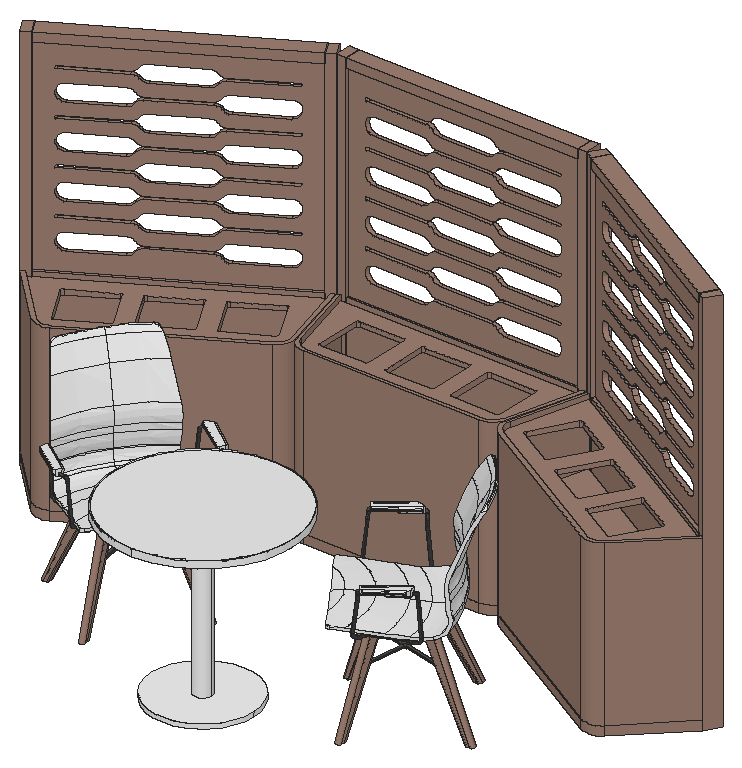
Revit family "OFS TYPICAL S200187", category Furniture, Revit 2022 (continued)
Definition of nested family "OFS HYDRA Tessellate Single Planters"
  Forms (mm)
    Extrusion 81, solid, material <- "Panel Material", visible <- "DIAG High"
      sketch origin (0, 0, 0) x (1, 0, 0) y (0, 0, 1)
        loop
          arc (-381.652, 868.57) -> (-381.652, 832.649) -> (-345.731, 832.649) r 25.4
          line (-345.731, 832.649) -> (207.277, 1385.657)
        loop
          arc (295.443, 1297.491) -> (295.443, 1333.412) -> (259.522, 1333.412) r 25.4
          line (259.522, 1333.412) -> (-204.71, 869.179)
          arc (-204.71, 869.179) -> (-204.71, 833.258) -> (-168.789, 833.258) r 25.4
          line (-168.789, 833.258) -> (295.443, 1297.491)
        loop
          arc (383.61, 1209.324) -> (383.61, 1245.245) -> (347.689, 1245.245) r 25.4
          line (347.689, 1245.245) -> (-28.534, 869.022)
          arc (-28.534, 869.022) -> (-28.534, 833.101) -> (7.387, 833.101) r 25.4
          line (7.387, 833.101) -> (383.61, 1209.324)
        loop
          arc (410.576, 1059.957) -> (410.576, 1095.878) -> (374.655, 1095.878) r 25.4
          line (374.655, 1095.878) -> (147.562, 868.786)
          arc (147.562, 868.786) -> (147.562, 832.864) -> (183.483, 832.864) r 25.4
          line (183.483, 832.864) -> (410.576, 1059.957)
        loop
          arc (411.013, 884.061) -> (411.013, 919.982) -> (375.092, 919.982) r 25.4
          line (375.092, 919.982) -> (323.924, 868.814)
          arc (323.924, 868.814) -> (323.924, 832.893) -> (359.845, 832.893) r 25.4
          line (359.845, 832.893) -> (411.013, 884.061)
        loop
          arc (119.11, 1473.824) -> (119.11, 1509.745) -> (83.189, 1509.745) r 25.4
          line (83.189, 1509.745) -> (-410.607, 1015.949)
          arc (-410.607, 1015.949) -> (-410.607, 980.028) -> (-374.686, 980.028) r 25.4
          line (-374.686, 980.028) -> (119.11, 1473.824)
        loop
          line (-234.992, 1963.069) -> (375.297, 1352.78)
          arc (375.297, 1352.78) -> (411.218, 1352.78) -> (411.218, 1388.701) r 25.4
          line (411.218, 1388.701) -> (-199.071, 1998.99)
          arc (-199.071, 1998.99) -> (-234.992, 1998.99) -> (-234.992, 1963.069) r 25.4
        loop
          line (-57.192, 1963.069) -> (375.978, 1529.9)
          arc (375.978, 1529.9) -> (411.899, 1529.9) -> (411.899, 1565.821) r 25.4
          line (411.899, 1565.821) -> (-21.271, 1998.99)
          arc (-21.271, 1998.99) -> (-57.192, 1998.99) -> (-57.192, 1963.069) r 25.4
        loop
          line (120.608, 1963.069) -> (377.26, 1706.417)
          arc (377.26, 1706.417) -> (413.181, 1706.417) -> (413.181, 1742.338) r 25.4
          line (413.181, 1742.338) -> (156.529, 1998.99)
          arc (156.529, 1998.99) -> (120.608, 1998.99) -> (120.608, 1963.069) r 25.4
        loop
          line (298.408, 1963.069) -> (377.419, 1884.058)
          arc (377.419, 1884.058) -> (413.34, 1884.058) -> (413.34, 1919.979) r 25.4
          line (413.34, 1919.979) -> (334.329, 1998.99)
          arc (334.329, 1998.99) -> (298.408, 1998.99) -> (298.408, 1963.069) r 25.4
        loop
          line (-412.087, 1968.714) -> (-4.652, 1561.279)
          arc (-4.652, 1561.279) -> (31.269, 1561.279) -> (31.269, 1597.2) r 25.4
          line (31.269, 1597.2) -> (-376.166, 2004.635)
          arc (-376.166, 2004.635) -> (-412.087, 2004.635) -> (-412.087, 1968.714) r 25.4
        loop
          line (-410.919, 1785.962) -> (-94.76, 1469.803)
          arc (-94.76, 1469.803) -> (-58.839, 1469.803) -> (-58.839, 1505.724) r 25.4
          line (-58.839, 1505.724) -> (-374.998, 1821.883)
          arc (-374.998, 1821.883) -> (-410.919, 1821.883) -> (-410.919, 1785.962) r 25.4
        loop
          line (-410.703, 1610.143) -> (-183.247, 1382.687)
          arc (-183.247, 1382.687) -> (-147.326, 1382.687) -> (-147.326, 1418.608) r 25.4
          line (-147.326, 1418.608) -> (-374.782, 1646.064)
          arc (-374.782, 1646.064) -> (-410.703, 1646.064) -> (-410.703, 1610.143) r 25.4
        loop
          line (-410.703, 1434.763) -> (-271.285, 1295.345)
          arc (-271.285, 1295.345) -> (-235.364, 1295.345) -> (-235.364, 1331.266) r 25.4
          line (-235.364, 1331.266) -> (-374.782, 1470.684)
          arc (-374.782, 1470.684) -> (-410.703, 1470.684) -> (-410.703, 1434.763) r 25.4
        loop
          line (-410.703, 1256.963) -> (-359.319, 1205.578)
          arc (-359.319, 1205.578) -> (-323.398, 1205.578) -> (-323.398, 1241.499) r 25.4
          line (-323.398, 1241.499) -> (-374.782, 1292.884)
          arc (-374.782, 1292.884) -> (-410.703, 1292.884) -> (-410.703, 1256.963) r 25.4
      from -184.15 to -165.1
    Extrusion 82, solid, material <- "Panel Material", visible <- "WAVE High"
      sketch origin (0, 0, 0) x (1, 0, 0) y (0, 0, 1)
        loop
          line (494.109, 2081.919) -> (-494.109, 2081.919) -> (-494.109, 749.3) -> (494.109, 749.3) -> (494.109, 2081.919)
        loop
          arc (-177.535, 825.5) -> (-159.252, 830.115) -> (-145.349, 842.854) r 38.525
          arc (-145.349, 842.854) -> (-132.388, 852.544) -> (-116.575, 855.98) r 38.1
          line (-116.575, 855.98) -> (116.575, 855.98)
          arc (116.575, 855.98) -> (132.388, 852.544) -> (145.349, 842.854) r 38.1
          arc (145.349, 842.854) -> (159.252, 830.115) -> (177.535, 825.5) r 38.525
          line (177.535, 825.5) -> (380.19, 825.5)
          arc (380.19, 825.5) -> (418.29, 863.6) -> (380.19, 901.7) r 38.1
          line (380.19, 901.7) -> (177.535, 901.7)
          arc (177.535, 901.7) -> (159.252, 897.085) -> (145.349, 884.346) r 38.525
          arc (145.349, 884.346) -> (132.388, 874.656) -> (116.575, 871.22) r 38.1
          line (116.575, 871.22) -> (-116.575, 871.22)
          arc (-116.575, 871.22) -> (-132.388, 874.656) -> (-145.349, 884.346) r 38.1
          arc (-145.349, 884.346) -> (-159.252, 897.085) -> (-177.535, 901.7) r 38.525
          line (-177.535, 901.7) -> (-380.72, 901.7)
          arc (-380.72, 901.7) -> (-418.82, 863.6) -> (-380.72, 825.5) r 38.1
          line (-380.72, 825.5) -> (-177.535, 825.5)
        loop
          arc (162.295, 966.073) -> (146.483, 969.51) -> (133.522, 979.199) r 38.1
          arc (133.522, 979.199) -> (119.619, 991.938) -> (101.335, 996.553) r 38.525
          line (101.335, 996.553) -> (-101.335, 996.553)
          arc (-101.335, 996.553) -> (-119.619, 991.938) -> (-133.522, 979.199) r 38.525
          arc (-133.522, 979.199) -> (-146.483, 969.51) -> (-162.295, 966.073) r 38.1
          line (-162.295, 966.073) -> (-410.973, 966.073)
          arc (-410.973, 966.073) -> (-418.593, 958.453) -> (-410.973, 950.833) r 7.62
          line (-410.973, 950.833) -> (-162.295, 950.833)
          arc (-162.295, 950.833) -> (-146.483, 947.397) -> (-133.522, 937.707) r 38.1
          arc (-133.522, 937.707) -> (-119.619, 924.968) -> (-101.335, 920.353) r 38.525
          line (-101.335, 920.353) -> (101.335, 920.353)
          arc (101.335, 920.353) -> (119.619, 924.968) -> (133.522, 937.707) r 38.525
          arc (133.522, 937.707) -> (146.483, 947.397) -> (162.295, 950.833) r 38.1
          line (162.295, 950.833) -> (410.973, 950.833)
          arc (410.973, 950.833) -> (418.593, 958.453) -> (410.973, 966.073) r 7.62
          line (410.973, 966.073) -> (162.295, 966.073)
        loop
          line (-177.535, 1091.406) -> (-380.72, 1091.406)
          arc (-380.72, 1091.406) -> (-418.82, 1053.306) -> (-380.72, 1015.206) r 38.1
          line (-380.72, 1015.206) -> (-177.535, 1015.206)
          arc (-177.535, 1015.206) -> (-159.252, 1019.821) -> (-145.349, 1032.56) r 38.525
          arc (-145.349, 1032.56) -> (-132.388, 1042.25) -> (-116.575, 1045.686) r 38.1
          line (-116.575, 1045.686) -> (116.575, 1045.686)
          arc (116.575, 1045.686) -> (132.388, 1042.25) -> (145.349, 1032.56) r 38.1
          arc (145.349, 1032.56) -> (159.252, 1019.821) -> (177.535, 1015.206) r 38.525
          line (177.535, 1015.206) -> (380.19, 1015.206)
          arc (380.19, 1015.206) -> (418.29, 1053.306) -> (380.19, 1091.406) r 38.1
          line (380.19, 1091.406) -> (177.535, 1091.406)
          arc (177.535, 1091.406) -> (159.252, 1086.791) -> (145.349, 1074.052) r 38.525
          arc (145.349, 1074.052) -> (132.388, 1064.363) -> (116.575, 1060.926) r 38.1
          line (116.575, 1060.926) -> (-116.575, 1060.926)
          arc (-116.575, 1060.926) -> (-132.388, 1064.363) -> (-145.349, 1074.052) r 38.1
          arc (-145.349, 1074.052) -> (-159.252, 1086.791) -> (-177.535, 1091.406) r 38.525
        loop
          arc (162.295, 1155.779) -> (146.483, 1159.216) -> (133.522, 1168.905) r 38.1
          arc (133.522, 1168.905) -> (119.619, 1181.644) -> (101.335, 1186.259) r 38.525
          line (101.335, 1186.259) -> (-101.335, 1186.259)
          arc (-101.335, 1186.259) -> (-119.619, 1181.644) -> (-133.522, 1168.905) r 38.525
          arc (-133.522, 1168.905) -> (-146.483, 1159.216) -> (-162.295, 1155.779) r 38.1
          line (-162.295, 1155.779) -> (-410.973, 1155.779)
          arc (-410.973, 1155.779) -> (-418.593, 1148.159) -> (-410.973, 1140.539) r 7.62
          line (-410.973, 1140.539) -> (-162.295, 1140.539)
          arc (-162.295, 1140.539) -> (-146.483, 1137.103) -> (-133.522, 1127.414) r 38.1
          arc (-133.522, 1127.414) -> (-119.619, 1114.674) -> (-101.335, 1110.059) r 38.525
          line (-101.335, 1110.059) -> (101.335, 1110.059)
          arc (101.335, 1110.059) -> (119.619, 1114.674) -> (133.522, 1127.414) r 38.525
          arc (133.522, 1127.414) -> (146.483, 1137.103) -> (162.295, 1140.539) r 38.1
          line (162.295, 1140.539) -> (410.973, 1140.539)
          arc (410.973, 1140.539) -> (418.593, 1148.159) -> (410.973, 1155.779) r 7.62
          line (410.973, 1155.779) -> (162.295, 1155.779)
        loop
          line (-177.535, 1281.112) -> (-380.72, 1281.112)
          arc (-380.72, 1281.112) -> (-418.82, 1243.012) -> (-380.72, 1204.912) r 38.1
          line (-380.72, 1204.912) -> (-177.535, 1204.912)
          arc (-177.535, 1204.912) -> (-159.252, 1209.527) -> (-145.349, 1222.267) r 38.525
          arc (-145.349, 1222.267) -> (-132.388, 1231.956) -> (-116.575, 1235.392) r 38.1
          line (-116.575, 1235.392) -> (116.575, 1235.392)
          arc (116.575, 1235.392) -> (132.388, 1231.956) -> (145.349, 1222.267) r 38.1
          arc (145.349, 1222.267) -> (159.252, 1209.527) -> (177.535, 1204.913) r 38.525
          line (177.535, 1204.913) -> (380.19, 1204.912)
          arc (380.19, 1204.912) -> (418.29, 1243.012) -> (380.19, 1281.112) r 38.1
          line (380.19, 1281.112) -> (177.535, 1281.112)
          arc (177.535, 1281.112) -> (159.252, 1276.498) -> (145.349, 1263.758) r 38.525
          arc (145.349, 1263.758) -> (132.388, 1254.069) -> (116.575, 1250.633) r 38.1
          line (116.575, 1250.633) -> (-116.575, 1250.632)
          arc (-116.575, 1250.632) -> (-132.388, 1254.069) -> (-145.349, 1263.758) r 38.1
          arc (-145.349, 1263.758) -> (-159.252, 1276.498) -> (-177.535, 1281.112) r 38.525
        loop
          arc (162.295, 1345.486) -> (146.483, 1348.922) -> (133.522, 1358.611) r 38.1
          arc (133.522, 1358.611) -> (119.619, 1371.351) -> (101.335, 1375.966) r 38.525
          line (101.335, 1375.966) -> (-101.335, 1375.966)
          arc (-101.335, 1375.966) -> (-119.619, 1371.351) -> (-133.522, 1358.611) r 38.525
          arc (-133.522, 1358.611) -> (-146.483, 1348.922) -> (-162.295, 1345.486) r 38.1
          line (-162.295, 1345.486) -> (-410.973, 1345.486)
          arc (-410.973, 1345.486) -> (-418.593, 1337.866) -> (-410.973, 1330.246) r 7.62
          line (-410.973, 1330.246) -> (-162.295, 1330.246)
          arc (-162.295, 1330.246) -> (-146.483, 1326.809) -> (-133.522, 1317.12) r 38.1
          arc (-133.522, 1317.12) -> (-119.619, 1304.381) -> (-101.335, 1299.766) r 38.525
          line (-101.335, 1299.766) -> (101.335, 1299.766)
          arc (101.335, 1299.766) -> (119.619, 1304.381) -> (133.522, 1317.12) r 38.525
          arc (133.522, 1317.12) -> (146.483, 1326.809) -> (162.295, 1330.246) r 38.1
          line (162.295, 1330.246) -> (410.973, 1330.246)
          arc (410.973, 1330.246) -> (418.593, 1337.866) -> (410.973, 1345.486) r 7.62
          line (410.973, 1345.486) -> (162.295, 1345.486)
        loop
          line (-177.535, 1470.819) -> (-380.72, 1470.819)
          arc (-380.72, 1470.819) -> (-418.82, 1432.719) -> (-380.72, 1394.619) r 38.1
          line (-380.72, 1394.619) -> (-177.535, 1394.619)
          arc (-177.535, 1394.619) -> (-159.252, 1399.234) -> (-145.349, 1411.973) r 38.525
          arc (-145.349, 1411.973) -> (-132.388, 1421.662) -> (-116.575, 1425.099) r 38.1
          line (-116.575, 1425.099) -> (116.575, 1425.099)
          arc (116.575, 1425.099) -> (132.388, 1421.662) -> (145.349, 1411.973) r 38.1
          arc (145.349, 1411.973) -> (159.252, 1399.234) -> (177.535, 1394.619) r 38.525
          line (177.535, 1394.619) -> (380.19, 1394.619)
          arc (380.19, 1394.619) -> (418.29, 1432.719) -> (380.19, 1470.819) r 38.1
          line (380.19, 1470.819) -> (177.535, 1470.819)
          arc (177.535, 1470.819) -> (159.252, 1466.204) -> (145.349, 1453.465) r 38.525
          arc (145.349, 1453.465) -> (132.388, 1443.775) -> (116.575, 1440.339) r 38.1
          line (116.575, 1440.339) -> (-116.575, 1440.339)
          arc (-116.575, 1440.339) -> (-132.388, 1443.775) -> (-145.349, 1453.465) r 38.1
          arc (-145.349, 1453.465) -> (-159.252, 1466.204) -> (-177.535, 1470.819) r 38.525
        loop
          arc (162.295, 1535.192) -> (146.483, 1538.628) -> (133.522, 1548.318) r 38.1
          arc (133.522, 1548.318) -> (119.619, 1561.057) -> (101.335, 1565.672) r 38.525
          line (101.335, 1565.672) -> (-101.335, 1565.672)
          arc (-101.335, 1565.672) -> (-119.619, 1561.057) -> (-133.522, 1548.318) r 38.525
          arc (-133.522, 1548.318) -> (-146.483, 1538.628) -> (-162.295, 1535.192) r 38.1
          line (-162.295, 1535.192) -> (-410.973, 1535.192)
          arc (-410.973, 1535.192) -> (-418.593, 1527.572) -> (-410.973, 1519.952) r 7.62
          line (-410.973, 1519.952) -> (-162.295, 1519.952)
          arc (-162.295, 1519.952) -> (-146.483, 1516.515) -> (-133.522, 1506.826) r 38.1
          arc (-133.522, 1506.826) -> (-119.619, 1494.087) -> (-101.335, 1489.472) r 38.525
          line (-101.335, 1489.472) -> (101.335, 1489.472)
          arc (101.335, 1489.472) -> (119.619, 1494.087) -> (133.522, 1506.826) r 38.525
          arc (133.522, 1506.826) -> (146.483, 1516.515) -> (162.295, 1519.952) r 38.1
          line (162.295, 1519.952) -> (410.973, 1519.952)
          arc (410.973, 1519.952) -> (418.593, 1527.572) -> (410.973, 1535.192) r 7.62
          line (410.973, 1535.192) -> (162.295, 1535.192)
        loop
          line (-177.535, 1660.525) -> (-380.72, 1660.525)
          arc (-380.72, 1660.525) -> (-418.82, 1622.425) -> (-380.72, 1584.325) r 38.1
          line (-380.72, 1584.325) -> (-177.535, 1584.325)
          arc (-177.535, 1584.325) -> (-159.252, 1588.94) -> (-145.349, 1601.679) r 38.525
          arc (-145.349, 1601.679) -> (-132.388, 1611.369) -> (-116.575, 1614.805) r 38.1
          line (-116.575, 1614.805) -> (116.575, 1614.805)
          arc (116.575, 1614.805) -> (132.388, 1611.369) -> (145.349, 1601.679) r 38.1
          arc (145.349, 1601.679) -> (159.252, 1588.94) -> (177.535, 1584.325) r 38.525
          line (177.535, 1584.325) -> (380.19, 1584.325)
          arc (380.19, 1584.325) -> (418.29, 1622.425) -> (380.19, 1660.525) r 38.1
          line (380.19, 1660.525) -> (177.535, 1660.525)
          arc (177.535, 1660.525) -> (159.252, 1655.91) -> (145.349, 1643.171) r 38.525
          arc (145.349, 1643.171) -> (132.388, 1633.481) -> (116.575, 1630.045) r 38.1
          line (116.575, 1630.045) -> (-116.575, 1630.045)
          arc (-116.575, 1630.045) -> (-132.388, 1633.481) -> (-145.349, 1643.171) r 38.1
          arc (-145.349, 1643.171) -> (-159.252, 1655.91) -> (-177.535, 1660.525) r 38.525
        loop
          arc (162.295, 1724.898) -> (146.483, 1728.335) -> (133.522, 1738.024) r 38.1
          arc (133.522, 1738.024) -> (119.619, 1750.763) -> (101.335, 1755.378) r 38.525
          line (101.335, 1755.378) -> (-101.335, 1755.378)
          arc (-101.335, 1755.378) -> (-119.619, 1750.763) -> (-133.522, 1738.024) r 38.525
          arc (-133.522, 1738.024) -> (-146.483, 1728.335) -> (-162.295, 1724.898) r 38.1
          line (-162.295, 1724.898) -> (-410.973, 1724.898)
          arc (-410.973, 1724.898) -> (-418.593, 1717.278) -> (-410.973, 1709.658) r 7.62
          line (-410.973, 1709.658) -> (-162.295, 1709.658)
          arc (-162.295, 1709.658) -> (-146.483, 1706.222) -> (-133.522, 1696.532) r 38.1
          arc (-133.522, 1696.532) -> (-119.619, 1683.793) -> (-101.335, 1679.178) r 38.525
          line (-101.335, 1679.178) -> (101.335, 1679.178)
          arc (101.335, 1679.178) -> (119.619, 1683.793) -> (133.522, 1696.532) r 38.525
          arc (133.522, 1696.532) -> (146.483, 1706.222) -> (162.295, 1709.658) r 38.1
          line (162.295, 1709.658) -> (410.973, 1709.658)
          arc (410.973, 1709.658) -> (418.593, 1717.278) -> (410.973, 1724.898) r 7.62
          line (410.973, 1724.898) -> (162.295, 1724.898)
        loop
          line (-177.535, 1850.231) -> (-380.72, 1850.231)
          arc (-380.72, 1850.231) -> (-418.82, 1812.131) -> (-380.72, 1774.031) r 38.1
          line (-380.72, 1774.031) -> (-177.535, 1774.031)
          arc (-177.535, 1774.031) -> (-159.252, 1778.646) -> (-145.349, 1791.385) r 38.525
          arc (-145.349, 1791.385) -> (-132.388, 1801.075) -> (-116.575, 1804.511) r 38.1
          line (-116.575, 1804.511) -> (116.575, 1804.511)
          arc (116.575, 1804.511) -> (132.388, 1801.075) -> (145.349, 1791.385) r 38.1
          arc (145.349, 1791.385) -> (159.252, 1778.646) -> (177.535, 1774.031) r 38.525
          line (177.535, 1774.031) -> (380.19, 1774.031)
          arc (380.19, 1774.031) -> (418.29, 1812.131) -> (380.19, 1850.231) r 38.1
          line (380.19, 1850.231) -> (177.535, 1850.231)
          arc (177.535, 1850.231) -> (159.252, 1845.616) -> (145.349, 1832.877) r 38.525
          arc (145.349, 1832.877) -> (132.388, 1823.188) -> (116.575, 1819.751) r 38.1
          line (116.575, 1819.751) -> (-116.575, 1819.751)
          arc (-116.575, 1819.751) -> (-132.388, 1823.188) -> (-145.349, 1832.877) r 38.1
          arc (-145.349, 1832.877) -> (-159.252, 1845.616) -> (-177.535, 1850.231) r 38.525
        loop
          arc (162.295, 1914.604) -> (146.483, 1918.041) -> (133.522, 1927.73) r 38.1
          arc (133.522, 1927.73) -> (119.619, 1940.469) -> (101.335, 1945.084) r 38.525
          line (101.335, 1945.084) -> (-101.335, 1945.084)
          arc (-101.335, 1945.084) -> (-119.619, 1940.469) -> (-133.522, 1927.73) r 38.525
          arc (-133.522, 1927.73) -> (-146.483, 1918.041) -> (-162.295, 1914.604) r 38.1
          line (-162.295, 1914.604) -> (-410.973, 1914.604)
          arc (-410.973, 1914.604) -> (-418.593, 1906.984) -> (-410.973, 1899.364) r 7.62
          line (-410.973, 1899.364) -> (-162.295, 1899.364)
          arc (-162.295, 1899.364) -> (-146.483, 1895.928) -> (-133.522, 1886.239) r 38.1
          arc (-133.522, 1886.239) -> (-119.619, 1873.499) -> (-101.335, 1868.884) r 38.525
          line (-101.335, 1868.884) -> (101.335, 1868.884)
          arc (101.335, 1868.884) -> (119.619, 1873.499) -> (133.522, 1886.239) r 38.525
          arc (133.522, 1886.239) -> (146.483, 1895.928) -> (162.295, 1899.364) r 38.1
          line (162.295, 1899.364) -> (410.973, 1899.364)
          arc (410.973, 1899.364) -> (418.593, 1906.984) -> (410.973, 1914.604) r 7.62
          line (410.973, 1914.604) -> (162.295, 1914.604)
        loop
          line (-177.535, 2039.938) -> (-380.72, 2039.938)
          arc (-380.72, 2039.938) -> (-418.82, 2001.837) -> (-380.72, 1963.737) r 38.1
          line (-380.72, 1963.737) -> (-177.535, 1963.737)
          arc (-177.535, 1963.737) -> (-159.252, 1968.352) -> (-145.349, 1981.092) r 38.525
          arc (-145.349, 1981.092) -> (-132.388, 1990.781) -> (-116.575, 1994.217) r 38.1
          line (-116.575, 1994.217) -> (116.575, 1994.217)
          arc (116.575, 1994.217) -> (132.388, 1990.781) -> (145.349, 1981.092) r 38.1
          arc (145.349, 1981.092) -> (159.252, 1968.352) -> (177.535, 1963.738) r 38.525
          line (177.535, 1963.738) -> (380.19, 1963.737)
          arc (380.19, 1963.737) -> (418.29, 2001.837) -> (380.19, 2039.937) r 38.1
          line (380.19, 2039.937) -> (177.535, 2039.938)
          arc (177.535, 2039.938) -> (159.252, 2035.323) -> (145.349, 2022.583) r 38.525
          arc (145.349, 2022.583) -> (132.388, 2012.894) -> (116.575, 2009.458) r 38.1
          line (116.575, 2009.458) -> (-116.575, 2009.457)
          arc (-116.575, 2009.457) -> (-132.388, 2012.894) -> (-145.349, 2022.583) r 38.1
          arc (-145.349, 2022.583) -> (-159.252, 2035.323) -> (-177.535, 2039.938) r 38.525
      from -184.15 to -165.1
    Extrusion 83, solid, material <- "Panel Material", visible <- "WAVE Low"
      sketch origin (0, 0, 0) x (1, 0, 0) y (0, 0, 1)
        loop
          line (494.109, 1624.806) -> (-494.109, 1624.806) -> (-494.109, 749.3) -> (494.109, 749.3) -> (494.109, 1624.806)
        loop
          arc (-177.535, 825.5) -> (-159.252, 830.115) -> (-145.349, 842.854) r 38.525
          arc (-145.349, 842.854) -> (-132.388, 852.544) -> (-116.575, 855.98) r 38.1
          line (-116.575, 855.98) -> (116.575, 855.98)
          arc (116.575, 855.98) -> (132.388, 852.544) -> (145.349, 842.854) r 38.1
          arc (145.349, 842.854) -> (159.252, 830.115) -> (177.535, 825.5) r 38.525
          line (177.535, 825.5) -> (380.19, 825.5)
          arc (380.19, 825.5) -> (418.29, 863.6) -> (380.19, 901.7) r 38.1
          line (380.19, 901.7) -> (177.535, 901.7)
          arc (177.535, 901.7) -> (159.252, 897.085) -> (145.349, 884.346) r 38.525
          arc (145.349, 884.346) -> (132.388, 874.656) -> (116.575, 871.22) r 38.1
          line (116.575, 871.22) -> (-116.575, 871.22)
          arc (-116.575, 871.22) -> (-132.388, 874.656) -> (-145.349, 884.346) r 38.1
          arc (-145.349, 884.346) -> (-159.252, 897.085) -> (-177.535, 901.7) r 38.525
          line (-177.535, 901.7) -> (-380.72, 901.7)
          arc (-380.72, 901.7) -> (-418.82, 863.6) -> (-380.72, 825.5) r 38.1
          line (-380.72, 825.5) -> (-177.535, 825.5)
        loop
          arc (162.295, 966.073) -> (146.483, 969.51) -> (133.522, 979.199) r 38.1
          arc (133.522, 979.199) -> (119.619, 991.938) -> (101.335, 996.553) r 38.525
          line (101.335, 996.553) -> (-101.335, 996.553)
          arc (-101.335, 996.553) -> (-119.619, 991.938) -> (-133.522, 979.199) r 38.525
          arc (-133.522, 979.199) -> (-146.483, 969.51) -> (-162.295, 966.073) r 38.1
          line (-162.295, 966.073) -> (-410.973, 966.073)
          arc (-410.973, 966.073) -> (-418.593, 958.453) -> (-410.973, 950.833) r 7.62
          line (-410.973, 950.833) -> (-162.295, 950.833)
          arc (-162.295, 950.833) -> (-146.483, 947.397) -> (-133.522, 937.707) r 38.1
          arc (-133.522, 937.707) -> (-119.619, 924.968) -> (-101.335, 920.353) r 38.525
          line (-101.335, 920.353) -> (101.335, 920.353)
          arc (101.335, 920.353) -> (119.619, 924.968) -> (133.522, 937.707) r 38.525
          arc (133.522, 937.707) -> (146.483, 947.397) -> (162.295, 950.833) r 38.1
          line (162.295, 950.833) -> (410.973, 950.833)
          arc (410.973, 950.833) -> (418.593, 958.453) -> (410.973, 966.073) r 7.62
          line (410.973, 966.073) -> (162.295, 966.073)
        loop
          line (-177.535, 1091.406) -> (-380.72, 1091.406)
          arc (-380.72, 1091.406) -> (-418.82, 1053.306) -> (-380.72, 1015.206) r 38.1
          line (-380.72, 1015.206) -> (-177.535, 1015.206)
          arc (-177.535, 1015.206) -> (-159.252, 1019.821) -> (-145.349, 1032.56) r 38.525
          arc (-145.349, 1032.56) -> (-132.388, 1042.25) -> (-116.575, 1045.686) r 38.1
          line (-116.575, 1045.686) -> (116.575, 1045.686)
          arc (116.575, 1045.686) -> (132.388, 1042.25) -> (145.349, 1032.56) r 38.1
          arc (145.349, 1032.56) -> (159.252, 1019.821) -> (177.535, 1015.206) r 38.525
          line (177.535, 1015.206) -> (380.19, 1015.206)
          arc (380.19, 1015.206) -> (418.29, 1053.306) -> (380.19, 1091.406) r 38.1
          line (380.19, 1091.406) -> (177.535, 1091.406)
          arc (177.535, 1091.406) -> (159.252, 1086.791) -> (145.349, 1074.052) r 38.525
          arc (145.349, 1074.052) -> (132.388, 1064.363) -> (116.575, 1060.926) r 38.1
          line (116.575, 1060.926) -> (-116.575, 1060.926)
          arc (-116.575, 1060.926) -> (-132.388, 1064.363) -> (-145.349, 1074.052) r 38.1
          arc (-145.349, 1074.052) -> (-159.252, 1086.791) -> (-177.535, 1091.406) r 38.525
        loop
          arc (162.295, 1155.779) -> (146.483, 1159.216) -> (133.522, 1168.905) r 38.1
          arc (133.522, 1168.905) -> (119.619, 1181.644) -> (101.335, 1186.259) r 38.525
          line (101.335, 1186.259) -> (-101.335, 1186.259)
          arc (-101.335, 1186.259) -> (-119.619, 1181.644) -> (-133.522, 1168.905) r 38.525
          arc (-133.522, 1168.905) -> (-146.483, 1159.216) -> (-162.295, 1155.779) r 38.1
          line (-162.295, 1155.779) -> (-410.973, 1155.779)
          arc (-410.973, 1155.779) -> (-418.593, 1148.159) -> (-410.973, 1140.539) r 7.62
          line (-410.973, 1140.539) -> (-162.295, 1140.539)
          arc (-162.295, 1140.539) -> (-146.483, 1137.103) -> (-133.522, 1127.414) r 38.1
          arc (-133.522, 1127.414) -> (-119.619, 1114.674) -> (-101.335, 1110.059) r 38.525
          line (-101.335, 1110.059) -> (101.335, 1110.059)
          arc (101.335, 1110.059) -> (119.619, 1114.674) -> (133.522, 1127.414) r 38.525
          arc (133.522, 1127.414) -> (146.483, 1137.103) -> (162.295, 1140.539) r 38.1
          line (162.295, 1140.539) -> (410.973, 1140.539)
          arc (410.973, 1140.539) -> (418.593, 1148.159) -> (410.973, 1155.779) r 7.62
          line (410.973, 1155.779) -> (162.295, 1155.779)
        loop
          line (-177.535, 1281.112) -> (-380.72, 1281.112)
          arc (-380.72, 1281.112) -> (-418.82, 1243.012) -> (-380.72, 1204.912) r 38.1
          line (-380.72, 1204.912) -> (-177.535, 1204.912)
          arc (-177.535, 1204.912) -> (-159.252, 1209.527) -> (-145.349, 1222.267) r 38.525
          arc (-145.349, 1222.267) -> (-132.388, 1231.956) -> (-116.575, 1235.392) r 38.1
          line (-116.575, 1235.392) -> (116.575, 1235.392)
          arc (116.575, 1235.392) -> (132.388, 1231.956) -> (145.349, 1222.267) r 38.1
          arc (145.349, 1222.267) -> (159.252, 1209.527) -> (177.535, 1204.913) r 38.525
          line (177.535, 1204.913) -> (380.19, 1204.912)
          arc (380.19, 1204.912) -> (418.29, 1243.012) -> (380.19, 1281.112) r 38.1
          line (380.19, 1281.112) -> (177.535, 1281.112)
          arc (177.535, 1281.112) -> (159.252, 1276.498) -> (145.349, 1263.758) r 38.525
          arc (145.349, 1263.758) -> (132.388, 1254.069) -> (116.575, 1250.633) r 38.1
          line (116.575, 1250.633) -> (-116.575, 1250.632)
          arc (-116.575, 1250.632) -> (-132.388, 1254.069) -> (-145.349, 1263.758) r 38.1
          arc (-145.349, 1263.758) -> (-159.252, 1276.498) -> (-177.535, 1281.112) r 38.525
        loop
          arc (162.295, 1345.486) -> (146.483, 1348.922) -> (133.522, 1358.611) r 38.1
          arc (133.522, 1358.611) -> (119.619, 1371.351) -> (101.335, 1375.966) r 38.525
          line (101.335, 1375.966) -> (-101.335, 1375.966)
          arc (-101.335, 1375.966) -> (-119.619, 1371.351) -> (-133.522, 1358.611) r 38.525
          arc (-133.522, 1358.611) -> (-146.483, 1348.922) -> (-162.295, 1345.486) r 38.1
          line (-162.295, 1345.486) -> (-410.973, 1345.486)
          arc (-410.973, 1345.486) -> (-418.593, 1337.866) -> (-410.973, 1330.246) r 7.62
          line (-410.973, 1330.246) -> (-162.295, 1330.246)
          arc (-162.295, 1330.246) -> (-146.483, 1326.809) -> (-133.522, 1317.12) r 38.1
          arc (-133.522, 1317.12) -> (-119.619, 1304.381) -> (-101.335, 1299.766) r 38.525
          line (-101.335, 1299.766) -> (101.335, 1299.766)
          arc (101.335, 1299.766) -> (119.619, 1304.381) -> (133.522, 1317.12) r 38.525
          arc (133.522, 1317.12) -> (146.483, 1326.809) -> (162.295, 1330.246) r 38.1
          line (162.295, 1330.246) -> (410.973, 1330.246)
          arc (410.973, 1330.246) -> (418.593, 1337.866) -> (410.973, 1345.486) r 7.62
          line (410.973, 1345.486) -> (162.295, 1345.486)
        loop
          line (-177.535, 1470.819) -> (-380.72, 1470.819)
          arc (-380.72, 1470.819) -> (-418.82, 1432.719) -> (-380.72, 1394.619) r 38.1
          line (-380.72, 1394.619) -> (-177.535, 1394.619)
          arc (-177.535, 1394.619) -> (-159.252, 1399.234) -> (-145.349, 1411.973) r 38.525
          arc (-145.349, 1411.973) -> (-132.388, 1421.662) -> (-116.575, 1425.099) r 38.1
          line (-116.575, 1425.099) -> (116.575, 1425.099)
          arc (116.575, 1425.099) -> (132.388, 1421.662) -> (145.349, 1411.973) r 38.1
          arc (145.349, 1411.973) -> (159.252, 1399.234) -> (177.535, 1394.619) r 38.525
          line (177.535, 1394.619) -> (380.19, 1394.619)
          arc (380.19, 1394.619) -> (418.29, 1432.719) -> (380.19, 1470.819) r 38.1
          line (380.19, 1470.819) -> (177.535, 1470.819)
          arc (177.535, 1470.819) -> (159.252, 1466.204) -> (145.349, 1453.465) r 38.525
          arc (145.349, 1453.465) -> (132.388, 1443.775) -> (116.575, 1440.339) r 38.1
          line (116.575, 1440.339) -> (-116.575, 1440.339)
          arc (-116.575, 1440.339) -> (-132.388, 1443.775) -> (-145.349, 1453.465) r 38.1
          arc (-145.349, 1453.465) -> (-159.252, 1466.204) -> (-177.535, 1470.819) r 38.525
        loop
          arc (162.295, 1535.192) -> (146.483, 1538.628) -> (133.522, 1548.318) r 38.1
          arc (133.522, 1548.318) -> (119.619, 1561.057) -> (101.335, 1565.672) r 38.525
          line (101.335, 1565.672) -> (-101.335, 1565.672)
          arc (-101.335, 1565.672) -> (-119.619, 1561.057) -> (-133.522, 1548.318) r 38.525
          arc (-133.522, 1548.318) -> (-146.483, 1538.628) -> (-162.295, 1535.192) r 38.1
          line (-162.295, 1535.192) -> (-410.973, 1535.192)
          arc (-410.973, 1535.192) -> (-418.593, 1527.572) -> (-410.973, 1519.952) r 7.62
          line (-410.973, 1519.952) -> (-162.295, 1519.952)
          arc (-162.295, 1519.952) -> (-146.483, 1516.515) -> (-133.522, 1506.826) r 38.1
          arc (-133.522, 1506.826) -> (-119.619, 1494.087) -> (-101.335, 1489.472) r 38.525
          line (-101.335, 1489.472) -> (101.335, 1489.472)
          arc (101.335, 1489.472) -> (119.619, 1494.087) -> (133.522, 1506.826) r 38.525
          arc (133.522, 1506.826) -> (146.483, 1516.515) -> (162.295, 1519.952) r 38.1
          line (162.295, 1519.952) -> (410.973, 1519.952)
          arc (410.973, 1519.952) -> (418.593, 1527.572) -> (410.973, 1535.192) r 7.62
          line (410.973, 1535.192) -> (162.295, 1535.192)
      from -184.15 to -165.1
  Cuts and joins
    joined: Extrusion 3, Extrusion 4
  Dimensions and locks
    aligned and locked: level to plane 2
Definition of nested family "OFS HARPIN CHAIR - Plastic- 4 Legs Wood Base - Mid Back"
  Parameters (values of type "Plastic - 4 Legs Wood Base - Mid Back")
    Wood Legs Finish = none
    Upholstered Option = no
    URL = "https://ofs.com/"
    Plastic Option = yes
    Model = "85338-M"
    Manufacturer = "OFS"
    Default Elevation = 0' - 0"
    Casters and Glides Finish = none
    Description = "OFS HARPIN Plastic Chair - 4 Legs Wood Base - Mid Back"
    Copyright © = "©OFS 2025\r\n©OFS 2021\r\n©OFS 2021\r\n©OFS 2021"
    Catalog = "https://ofs.com/products/seating/executiveconference/harpin"
    Base Material = none
    Seat Material = none
    Authoring Version = "Autodesk Revit Architecture 2021"
    Assembly Code = "E2020200"
    Arms Option [instance] = yes
    Arm Rest Finish = none
  Reference planes
    plane 1 "Center F/B": y = 0
    plane 2: z = 0
    plane 3 "Center L/R": x = 0
    plane 4: z = 431.8
    plane 5: z = 384.743
    plane 6: z = 0
  Forms (mm)
    Blend 1, solid, material <- "Wood Legs Finish"
      base sketch origin (0, 0, 0) x (1, 0, 0) y (0, 1, 0)
        loop
          arc (-232.55, -172.262) -> (-233.081, -190.423) -> (-214.92, -190.954) r 12.847
          line (-214.92, -190.954) -> (-203.587, -180.265)
          arc (-203.587, -180.265) -> (-202.592, -178.048) -> (-203.456, -175.777) r 3.175
          line (-203.456, -175.777) -> (-216.73, -161.704)
          arc (-216.73, -161.704) -> (-218.947, -160.709) -> (-221.218, -161.573) r 3.175
          line (-221.218, -161.573) -> (-232.55, -172.262)
      top sketch origin (0, 0, 0) x (1, 0, 0) y (0, 1, 0)
        loop
          arc (-124.51, -70.355) -> (-125.04, -88.516) -> (-106.879, -89.046) r 12.847
          line (-106.879, -89.046) -> (-73.667, -57.719)
          arc (-73.667, -57.719) -> (-72.672, -55.503) -> (-73.536, -53.231) r 3.175
          line (-73.536, -53.231) -> (-86.809, -39.159)
          arc (-86.809, -39.159) -> (-89.026, -38.164) -> (-91.297, -39.028) r 3.175
          line (-91.297, -39.028) -> (-124.51, -70.355)
      from 0 to 416.117
    Blend 2, solid, material <- "Wood Legs Finish"
      base sketch origin (0, 0, 0) x (-1, 0, 0) y (0, -1, 0)
        loop
          line (-232.55, 172.262) -> (-221.218, 161.573)
          arc (-221.218, 161.573) -> (-218.947, 160.709) -> (-216.73, 161.704) r 3.175
          line (-216.73, 161.704) -> (-203.456, 175.777)
          arc (-203.456, 175.777) -> (-202.592, 178.048) -> (-203.587, 180.265) r 3.175
          line (-203.587, 180.265) -> (-214.92, 190.954)
          arc (-214.92, 190.954) -> (-233.081, 190.423) -> (-232.55, 172.262) r 12.847
      top sketch origin (0, 0, 0) x (-1, 0, 0) y (0, -1, 0)
        loop
          line (-124.51, 70.355) -> (-91.297, 39.028)
          arc (-91.297, 39.028) -> (-89.026, 38.164) -> (-86.809, 39.159) r 3.175
          line (-86.809, 39.159) -> (-73.536, 53.231)
          arc (-73.536, 53.231) -> (-72.672, 55.503) -> (-73.667, 57.719) r 3.175
          line (-73.667, 57.719) -> (-106.879, 89.046)
          arc (-106.879, 89.046) -> (-125.04, 88.516) -> (-124.51, 70.355) r 12.847
      from 0 to 416.117
    Blend 3, solid, material <- "Wood Legs Finish"
      base sketch origin (-33.15, 43.792, 0) x (0.984808, -0.173648, 0) y (0.173648, 0.984808, 0)
        loop
          line (-232.55, 172.262) -> (-221.218, 161.573)
          arc (-221.218, 161.573) -> (-218.947, 160.709) -> (-216.73, 161.704) r 3.175
          line (-216.73, 161.704) -> (-203.456, 175.777)
          arc (-203.456, 175.777) -> (-202.592, 178.048) -> (-203.587, 180.265) r 3.175
          line (-203.587, 180.265) -> (-214.92, 190.954)
          arc (-214.92, 190.954) -> (-233.081, 190.423) -> (-232.55, 172.262) r 12.847
      top sketch origin (-33.15, 43.792, 0) x (0.984808, -0.173648, 0) y (0.173648, 0.984808, 0)
        loop
          line (-109.607, 56.297) -> (-76.394, 24.971)
          arc (-76.394, 24.971) -> (-74.123, 24.107) -> (-71.906, 25.102) r 3.175
          line (-71.906, 25.102) -> (-58.633, 39.174)
          arc (-58.633, 39.174) -> (-57.769, 41.445) -> (-58.764, 43.662) r 3.175
          line (-58.764, 43.662) -> (-91.976, 74.989)
          arc (-91.976, 74.989) -> (-110.137, 74.459) -> (-109.607, 56.297) r 12.847
      from 0 to 390.433
    Sweep 4, solid, material <- "Base Material"
      path origin (0, 0, 0) x (1, 0, 0) y (0, 1, 0)
        loop
          line (-136.979, 149.506) -> (-10.38, 34.184)
          arc (-10.38, 34.184) -> (-6.232, 24.801) -> (-10.371, 15.415) r 12.7
          line (-10.371, 15.415) -> (-134.033, -97.456)
      profile origin (-72.202, -41.021, 0) x (0.674146, -0.738598, 0) y (0, 0, 1)
        loop
          circle (0, 254.119) r 6.35
    Sweep 5, solid, material <- "Base Material"
      path origin (0, 0, 0) x (-1, 0, 0) y (0, 1, 0)
        loop
          line (-136.979, 149.506) -> (-10.38, 34.184)
          arc (-10.38, 34.184) -> (-6.232, 24.801) -> (-10.371, 15.415) r 12.7
          line (-10.371, 15.415) -> (-134.033, -97.456)
      profile origin (72.202, -41.021, 0) x (0.674146, 0.738598, 0) y (0, 0, 1)
        loop
          circle (0, 254.119) r 6.35
    Revolve 6, solid, material <- "Base Material"
      sketch origin (0, 0, -3.175) x (0, 1, 0) y (0, 0, 1)
        loop
          line (103.412, 390.615) -> (149.843, 394.155) -> (149.843, 400.523) -> (102.929, 396.947)
          arc (102.929, 396.947) -> (97.133, 396.858) -> (91.37, 397.473) r 47.701
          line (91.37, 397.473) -> (-96.477, 429.158) -> (-97.533, 422.896) -> (90.313, 391.212)
          arc (90.313, 391.212) -> (96.845, 390.515) -> (103.412, 390.615) r 54.051
        axis (149.843, 2376.697) -> (-97.533, 2376.697)
      angle from -5 to 5
    Extrusion 7, void
      sketch origin (0, 0, 0) x (1, 0, 0) y (0, 1, 0)
        loop
          line (-129.862, 84.501) -> (-126.076, -80.689)
          arc (-126.076, -80.689) -> (-122.303, -89.434) -> (-113.511, -93.097) r 12.7
          line (-113.511, -93.097) -> (0, -94.279) -> (113.511, -93.097)
          arc (113.511, -93.097) -> (122.303, -89.434) -> (126.076, -80.689) r 12.7
          line (126.076, -80.689) -> (129.862, 84.501)
          arc (129.862, 84.501) -> (130.425, 91.605) -> (131.78, 98.601) r 63.5
          line (131.78, 98.601) -> (136.976, 119.163) -> (128.028, 129.256)
          arc (128.028, 129.256) -> (123.716, 131.379) -> (119.152, 129.872) r 6.35
          line (119.152, 129.872) -> (92.087, 106.749)
          arc (92.087, 106.749) -> (89.872, 102.276) -> (91.574, 97.583) r 6.35
          line (91.574, 97.583) -> (99.365, 89.253)
          arc (99.365, 89.253) -> (100.716, 87.026) -> (101.059, 84.444) r 6.35
          line (101.059, 84.444) -> (99.599, 64.837)
          arc (99.599, 64.837) -> (95.622, 56.516) -> (87.063, 53.081) r 12.7
          line (87.063, 53.081) -> (0, 52.201) -> (-87.063, 53.081)
          arc (-87.063, 53.081) -> (-95.622, 56.516) -> (-99.599, 64.837) r 12.7
          line (-99.599, 64.837) -> (-101.059, 84.444)
          arc (-101.059, 84.444) -> (-100.716, 87.026) -> (-99.365, 89.253) r 6.35
          line (-99.365, 89.253) -> (-91.574, 97.583)
          arc (-91.574, 97.583) -> (-89.872, 102.276) -> (-92.087, 106.749) r 6.35
          line (-92.087, 106.749) -> (-119.152, 129.872)
          arc (-119.152, 129.872) -> (-123.716, 131.379) -> (-128.028, 129.256) r 6.35
          line (-128.028, 129.256) -> (-136.976, 119.163) -> (-131.78, 98.601)
          arc (-131.78, 98.601) -> (-130.425, 91.605) -> (-129.862, 84.501) r 63.5
        loop
          arc (-68.642, 13.244) -> (-74.17, 11.978) -> (-78.595, 8.433) r 12.7
          line (-78.595, 8.433) -> (-90.876, -7.063)
          arc (-90.876, -7.063) -> (-93.064, -11.224) -> (-93.588, -15.895) r 12.7
          line (-93.588, -15.895) -> (-92.62, -28.9)
          arc (-92.62, -28.9) -> (-91.437, -33.384) -> (-88.723, -37.145) r 12.7
          line (-88.723, -37.145) -> (-74.895, -50.341)
          arc (-74.895, -50.341) -> (-70.872, -52.934) -> (-66.175, -53.854) r 12.7
          line (-66.175, -53.854) -> (0, -54.1) -> (66.175, -53.854)
          arc (66.175, -53.854) -> (70.872, -52.934) -> (74.895, -50.341) r 12.7
          line (74.895, -50.341) -> (88.723, -37.145)
          arc (88.723, -37.145) -> (91.437, -33.384) -> (92.62, -28.9) r 12.7
          line (92.62, -28.9) -> (93.588, -15.895)
          arc (93.588, -15.895) -> (93.064, -11.224) -> (90.876, -7.063) r 12.7
          line (90.876, -7.063) -> (78.595, 8.433)
          arc (78.595, 8.433) -> (74.17, 11.978) -> (68.642, 13.244) r 12.7
          line (68.642, 13.244) -> (-68.642, 13.244)
        loop
          line (-304.8, 381.09) -> (-304.8, -327.716) -> (304.8, -327.716) -> (304.8, 381.09) -> (-304.8, 381.09)
      from 0 to 471.235
    Blend 8, solid, material <- "Wood Legs Finish"
      base sketch origin (33.15, 43.792, 0) x (-0.984808, -0.173648, 0) y (0.173648, -0.984808, 0)
        loop
          arc (-232.55, -172.262) -> (-233.081, -190.423) -> (-214.92, -190.954) r 12.847
          line (-214.92, -190.954) -> (-203.587, -180.265)
          arc (-203.587, -180.265) -> (-202.592, -178.048) -> (-203.456, -175.777) r 3.175
          line (-203.456, -175.777) -> (-216.73, -161.704)
          arc (-216.73, -161.704) -> (-218.947, -160.709) -> (-221.218, -161.573) r 3.175
          line (-221.218, -161.573) -> (-232.55, -172.262)
      top sketch origin (33.15, 43.792, 0) x (-0.984808, -0.173648, 0) y (0.173648, -0.984808, 0)
        loop
          arc (-109.607, -56.297) -> (-110.137, -74.459) -> (-91.976, -74.989) r 12.847
          line (-91.976, -74.989) -> (-58.764, -43.662)
          arc (-58.764, -43.662) -> (-57.769, -41.445) -> (-58.633, -39.174) r 3.175
          line (-58.633, -39.174) -> (-71.906, -25.102)
          arc (-71.906, -25.102) -> (-74.123, -24.107) -> (-76.394, -24.971) r 3.175
          line (-76.394, -24.971) -> (-109.607, -56.297)
      from 0 to 390.433
  Cuts and joins
    Extrusion 7 cuts Revolve 6
  Dimensions and locks
    plane 4 to level = 1' - 5"
    locked: plane 4 to plane 5 at 47.057
    plane 6 to level = 0' - 0"
    aligned and locked: level to plane 2
    aligned and locked: plane 4 to nested 1
    aligned and locked: plane 5 to nested 2
    aligned and locked: plane 5 to nested 3
  Nested families
    nested 1: "Seat" at (0, 0, 30.835), type "plastic"
    nested 2: "Arms" at (-187.325, -25.4, -23.217), visible <- "Arms Option", type "Arms"
    nested 3: "Arms" at (187.325, -25.4, -23.217) x (-1, 0, 0) z (0, 0, 1), visible <- "Arms Option", type "Arms"
  Definition of nested family "Seat"
    Parameters (values of type "plastic")
      Upholstered Option = none
      Upholstered = no
      Plastic Option = none
      Plastic = yes
      Default Elevation = 0' - 0"
    Reference planes
      plane 1 "Center Front/Back": y = 0
      plane 2: z = 0
      plane 3 "Center Left/Right": x = 0
      plane 4 "1": through (0, 234.821, 902.423) normal (0, -0.8741, 0.4858)
    Forms (mm)
      Revolve 1, solid, material <- "Plastic Option", visible <- "Plastic"
        sketch origin (0, 0, 0) x (0, 1, 0) y (0, 0, 1)
          loop
            arc (-224.064, 406.49) -> (-200.644, 414.664) -> (-175.97, 417.223) r 106.953
            arc (-175.97, 417.223) -> (-124.332, 414.424) -> (-73.1, 407.378) r 626.795
            arc (-73.1, 407.378) -> (-17.952, 397.967) -> (37.356, 389.544) r 3131.57
            arc (37.356, 389.544) -> (74.841, 384.407) -> (112.385, 379.725) r 3131.57
            arc (112.385, 379.725) -> (160.318, 379.321) -> (207.192, 389.353) r 219.061
            arc (207.192, 389.353) -> (217.259, 394.968) -> (224.557, 403.892) r 30.794
            arc (224.557, 403.892) -> (233.737, 425.996) -> (238.177, 449.516) r 115.792
            arc (238.177, 449.516) -> (238.127, 455.041) -> (237.068, 460.464) r 30.078
            arc (237.068, 460.464) -> (231.054, 488.81) -> (229.389, 517.74) r 191.317
            arc (229.389, 517.74) -> (229.024, 532.758) -> (227.382, 547.692) r 176.323
            arc (227.382, 547.692) -> (225.957, 582.494) -> (232.242, 616.754) r 156.953
            arc (232.242, 616.754) -> (254.464, 685.218) -> (279.571, 752.678) r 1696.509
            arc (279.571, 752.678) -> (298.461, 794.318) -> (321.287, 833.938) r 472.596
            arc (321.287, 833.938) -> (328.15, 844.906) -> (334.747, 856.035) r 539.087
            arc (334.747, 856.035) -> (334.514, 858.488) -> (332.915, 860.363) r 4.091
            line (332.915, 860.363) -> (327.002, 864.058)
            arc (327.002, 864.058) -> (326.151, 864.358) -> (325.4, 863.857) r 1.009
            arc (325.4, 863.857) -> (318.448, 852.048) -> (311.191, 840.424) r 527.087
            arc (311.191, 840.424) -> (287.786, 799.799) -> (268.416, 757.101) r 484.596
            arc (268.416, 757.101) -> (243.132, 689.164) -> (220.752, 620.216) r 1708.509
            arc (220.752, 620.216) -> (213.986, 583.336) -> (215.521, 545.873) r 168.953
            arc (215.521, 545.873) -> (217.051, 531.956) -> (217.391, 517.96) r 164.323
            arc (217.391, 517.96) -> (219.16, 487.216) -> (225.552, 457.091) r 203.317
            arc (225.552, 457.091) -> (226.189, 453.832) -> (226.218, 450.511) r 18.078
            arc (226.218, 450.511) -> (222.239, 429.429) -> (214.01, 409.615) r 103.792
            arc (214.01, 409.615) -> (209.556, 404.169) -> (203.411, 400.742) r 18.794
            arc (203.411, 400.742) -> (159.106, 391.26) -> (113.798, 391.641) r 207.061
            arc (113.798, 391.641) -> (76.398, 396.306) -> (39.057, 401.422) r 3119.57
            arc (39.057, 401.422) -> (-16.039, 409.814) -> (-70.976, 419.188) r 3119.57
            arc (-70.976, 419.188) -> (-123.188, 426.369) -> (-175.815, 429.222) r 638.795
            arc (-175.815, 429.222) -> (-202.754, 426.487) -> (-228.376, 417.731) r 118.953
            arc (-228.376, 417.731) -> (-229.801, 416.092) -> (-229.568, 413.933) r 2.713
            line (-229.568, 413.933) -> (-226.754, 408.348)
            arc (-226.754, 408.348) -> (-225.646, 407.076) -> (-224.064, 406.49) r 3.411
          axis (-433.111, 864.058) -> (-433.111, 379.725)
        angle from 0 to 360
      Extrusion 2, void
        sketch origin (0, 0, 0) x (1, 0, 0) y (0, 1, 0)
          loop
            line (-182.894, 315.02) -> (-772.647, 315.02) -> (-772.647, -1255.586) -> (7.353, -1255.586) -> (787.353, -1255.586) -> (787.353, 315.02) -> (187.6, 315.02) -> (242.675, 135.02) -> (242.675, -212.331)
            arc (242.675, -212.331) -> (238.97, -221.275) -> (230.026, -224.98) r 12.649
            line (230.026, -224.98) -> (7.353, -224.98) -> (-225.32, -224.98)
            arc (-225.32, -224.98) -> (-234.264, -221.275) -> (-237.969, -212.331) r 12.649
            line (-237.969, -212.331) -> (-237.969, 135.02) -> (-182.894, 315.02)
        from 0 to 978.112
      Extrusion 3, void
        sketch origin (0, 0, 0) x (1, 0, 0) y (0, 0, 1)
          loop
            arc (-195.981, 841.392) -> (-176.093, 859.588) -> (-149.509, 864.058) r 47.58
            arc (-149.509, 864.058) -> (-137.022, 875.986) -> (-148.368, 889.006) r 12.5
            arc (-148.368, 889.006) -> (-191.035, 884.06) -> (-195.981, 841.392) r 34.585
        from -574.4 to 250
      Extrusion 4, void
        sketch origin (0, 0, 0) x (-1, 0, 0) y (0, 0, -1)
          loop
            arc (-149.509, -864.058) -> (-175.869, -860.023) -> (-197.993, -845.135) r 61.033
            arc (-197.993, -845.135) -> (-189.487, -885.516) -> (-148.368, -889.006) r 34.585
            arc (-148.368, -889.006) -> (-137.022, -875.986) -> (-149.509, -864.058) r 12.5
        from -574.4 to 250
      Extrusion 5, solid, material <- "Plastic Option", visible <- "Plastic"
        sketch origin (0, 0, 0) x (1, 0, 0) y (0, 1, 0)
          loop
            circle (-101.068, -134.352) r 17
          loop
            circle (101.068, -134.352) r 17
        from 400.965 to 420.799
      Revolve 6, solid, material <- "Upholstered Option", visible <- "Upholstered"
        sketch origin (0, 0, 0) x (0, 1, 0) y (0, 0, 1)
          loop
            arc (-224.064, 406.49) -> (-200.644, 414.664) -> (-175.97, 417.223) r 106.953
            arc (-175.97, 417.223) -> (-124.332, 414.424) -> (-73.1, 407.378) r 626.795
            arc (-73.1, 407.378) -> (-17.952, 397.967) -> (37.356, 389.544) r 3131.57
            arc (37.356, 389.544) -> (74.841, 384.407) -> (112.385, 379.725) r 3131.57
            arc (112.385, 379.725) -> (160.318, 379.321) -> (207.192, 389.353) r 219.061
            arc (207.192, 389.353) -> (217.259, 394.968) -> (224.557, 403.892) r 30.794
            arc (224.557, 403.892) -> (233.737, 425.996) -> (238.177, 449.516) r 115.792
            arc (238.177, 449.516) -> (238.127, 455.041) -> (237.068, 460.464) r 30.078
            arc (237.068, 460.464) -> (231.054, 488.81) -> (229.389, 517.74) r 191.317
            arc (229.389, 517.74) -> (229.024, 532.758) -> (227.382, 547.692) r 176.323
            arc (227.382, 547.692) -> (225.957, 582.494) -> (232.242, 616.754) r 156.953
            arc (232.242, 616.754) -> (254.464, 685.218) -> (279.571, 752.678) r 1696.509
            arc (279.571, 752.678) -> (298.461, 794.318) -> (321.287, 833.938) r 472.596
            arc (321.287, 833.938) -> (328.15, 844.906) -> (334.747, 856.035) r 539.087
            arc (334.747, 856.035) -> (334.514, 858.488) -> (332.915, 860.363) r 4.091
            line (332.915, 860.363) -> (315.556, 871.21)
            arc (315.556, 871.21) -> (313.469, 871.539) -> (311.784, 870.265) r 2.7
            arc (311.784, 870.265) -> (305.313, 859.317) -> (298.572, 848.532) r 512.087
            arc (298.572, 848.532) -> (274.441, 806.649) -> (254.472, 762.63) r 499.596
            arc (254.472, 762.63) -> (228.966, 694.097) -> (206.39, 624.543) r 1723.509
            arc (206.39, 624.543) -> (199.023, 584.389) -> (200.694, 543.6) r 183.953
            arc (200.694, 543.6) -> (202.085, 530.953) -> (202.393, 518.235) r 149.323
            arc (202.393, 518.235) -> (204.293, 485.222) -> (211.156, 452.875) r 218.317
            arc (211.156, 452.875) -> (211.265, 452.32) -> (211.27, 451.755) r 3.078
            arc (211.27, 451.755) -> (207.865, 433.72) -> (200.826, 416.769) r 88.792
            arc (200.826, 416.769) -> (199.927, 415.67) -> (198.686, 414.978) r 3.794
            arc (198.686, 414.978) -> (157.59, 406.183) -> (115.565, 406.537) r 192.061
            arc (115.565, 406.537) -> (78.344, 411.179) -> (41.183, 416.271) r 3104.57
            arc (41.183, 416.271) -> (-13.648, 424.622) -> (-68.321, 433.951) r 3104.57
            arc (-68.321, 433.951) -> (-121.759, 441.301) -> (-175.622, 444.221) r 653.795
            arc (-175.622, 444.221) -> (-206.137, 441.102) -> (-235.142, 431.123) r 133.953
            arc (-235.142, 431.123) -> (-236.532, 429.559) -> (-236.388, 427.472) r 2.7
            line (-236.388, 427.472) -> (-226.754, 408.348)
            arc (-226.754, 408.348) -> (-225.646, 407.076) -> (-224.064, 406.49) r 3.411
          axis (-433.111, 871.21) -> (-433.111, 379.725)
        angle from 0 to 360
      Extrusion 7, void
        sketch origin (0, -203.792, 113.268) x (0, 0.485807, 0.874066) y (-1, 0, 0)
          loop
            arc (905.521, 161.719) -> (907.786, 140.871) -> (909.709, 119.988) r 1277.891
            arc (909.709, 119.988) -> (930.475, 101.676) -> (949.639, 121.658) r 20
            line (949.639, 121.658) -> (949.639, 242.079) -> (860.957, 259.317)
            arc (860.957, 259.317) -> (825.706, 235.174) -> (850.346, 200.269) r 30
            arc (850.346, 200.269) -> (861.515, 198.398) -> (872.674, 196.476) r 2437.747
            arc (872.674, 196.476) -> (894.864, 184.547) -> (905.521, 161.719) r 40
        from -153.971 to 250
      Extrusion 8, void
        sketch origin (5, -203.488, 113.814) x (0, 0.485807, 0.874066) y (-1, 0, 0)
          loop
            arc (905.521, -161.719) -> (894.864, -184.547) -> (872.674, -196.476) r 40
            arc (872.674, -196.476) -> (861.515, -198.398) -> (850.346, -200.269) r 2437.747
            arc (850.346, -200.269) -> (825.706, -235.174) -> (860.957, -259.317) r 30
            line (860.957, -259.317) -> (949.639, -242.079) -> (949.639, -121.658)
            arc (949.639, -121.658) -> (930.475, -101.676) -> (909.709, -119.988) r 20
            arc (909.709, -119.988) -> (907.786, -140.871) -> (905.521, -161.719) r 1277.891
        from -153.971 to 250
    Cuts and joins
      Extrusion 2, Extrusion 3, Extrusion 4 cuts Revolve 1
      joined: Revolve 1, Extrusion 5
      Extrusion 2, Extrusion 7, Extrusion 8 cuts Revolve 6
    Dimensions and locks
      aligned and locked: level to plane 2
  Definition of nested family "Arms"
    Parameters (values of type "Arms")
      Default Elevation = 0' - 0"
      Arm Structure = none
      Arm Rest = none
    Reference planes
      plane 1 "Center Front/Back": y = 0
      plane 2: z = 0
      plane 3 "Center Left/Right": x = 0
    Forms (mm)
      Sweep 1, solid, material <- "Arm Structure"
        path origin (24.583, -100.258, 5.66) x (0.712381, 0.701791, -0.001634) y (-0.082179, 0.085731, 0.992923)
          loop
            line (42.606, 409.876) -> (-50.071, 431.272)
            arc (-50.071, 431.272) -> (-64.579, 440.651) -> (-69.733, 457.14) r 25.4
            line (-69.733, 457.14) -> (-63.859, 590.361)
        profile origin (-12.638, -66.821, 423.264) x (-0.080178, -0.241402, -0.967107) y (0.696965, -0.707206, 0.118746)
          loop
            circle (0, 0) r 4.763
      Sweep 2, solid, material <- "Arm Structure"
        path origin (-188.163, -37.834, 1170.996) x (-0.98752, -0.136315, -0.078887) y (-0.094311, 0.110664, 0.989373)
          loop
            arc (-55.84, -552.556) -> (-62.606, -559.845) -> (-64.776, -569.55) r 19.05
            line (-64.776, -569.55) -> (-63.859, -590.361)
        profile origin (-69.952, -93.247, 602.278) x (-0.990715, -0.131308, -0.035229) y (-0.126137, 0.984465, -0.122139)
          loop
            circle (0, 0) r 4.763
      Sweep 3, solid, material <- "Arm Structure"
        path origin (234.668, -509.893, 445.18) x (0.736055, 0.576889, -0.354149) y (-0.496738, 0.81573, 0.296371)
          loop
            line (-55.84, 552.556) -> (-58.982, 554.519)
            arc (-58.982, 554.519) -> (-64.637, 562.477) -> (-62.973, 572.097) r 12.7
            line (-62.973, 572.097) -> (-43.291, 603.094)
        profile origin (-92.312, -88.352, 634.773) x (-0.607796, -0.743191, 0.279735) y (0.459863, -0.042227, 0.886985)
          loop
            circle (0, 0) r 4.763
      Sweep 4, solid, material <- "Arm Structure"
        path origin (18.884, 88.736, 4.894) x (0.648976, -0.760666, 0.014755) y (0.079384, 0.048414, -0.995668)
          loop
            arc (49.673, -400.252) -> (9.276, -403.608) -> (-30.728, -410.156) r 511.026
            arc (-30.728, -410.156) -> (-45.737, -414.865) -> (-59.478, -422.522) r 77.13
            arc (-59.478, -422.522) -> (-67.698, -432.1) -> (-70.292, -444.452) r 25.4
            line (-70.292, -444.452) -> (-63.859, -590.361)
        profile origin (-65.72, 114.708, 519.069) x (0.651843, -0.757795, -0.029118) y (0.756656, 0.647336, 0.091804)
          loop
            circle (0, 0) r 4.763
      Sweep 5, solid, material <- "Arm Structure"
        path origin (-188.163, 72.346, 1172.427) x (-0.98752, 0.133479, -0.083596) y (0.094311, 0.076068, -0.992632)
          loop
            arc (-55.84, 552.556) -> (-62.606, 559.845) -> (-64.776, 569.55) r 19.05
            line (-64.776, 569.55) -> (-63.859, 590.361)
        profile origin (-69.952, 107.877, 602.121) x (0.990715, -0.129999, 0.03979) y (-0.126137, -0.988128, -0.087707)
          loop
            circle (0, 0) r 4.763
      Sweep 6, solid, material <- "Arm Structure"
        path origin (234.668, 518.787, 430.579) x (0.736055, -0.588898, -0.3338) y (0.496738, 0.80489, -0.324659)
          loop
            line (-55.84, -552.556) -> (-58.982, -554.519)
            arc (-58.982, -554.519) -> (-64.637, -562.477) -> (-62.973, -572.097) r 12.7
            line (-62.973, -572.097) -> (-43.291, -603.094)
        profile origin (-92.312, 104.119, 634.768) x (0.607796, -0.752501, -0.253627) y (0.459863, 0.073156, 0.884971)
          loop
            circle (0, 0) r 4.763
      Blend 7, solid, material <- "Arm Rest"
        base sketch origin (0, 0, -0.794) x (1, 0, 0) y (0, 0, 1)
          loop
            line (-82.234, 634.454) -> (-81.137, 635.871)
            arc (-81.137, 635.871) -> (-80.89, 636.329) -> (-80.804, 636.843) r 1.588
            line (-80.804, 636.843) -> (-80.804, 643.42) -> (-80.139, 642.954) -> (-80.139, 650.408)
            arc (-80.139, 650.408) -> (-80.532, 651.455) -> (-81.518, 651.982) r 1.588
            arc (-81.518, 651.982) -> (-99.386, 653.319) -> (-117.29, 652.63) r 158.496
            arc (-117.29, 652.63) -> (-118.334, 652.096) -> (-118.726, 650.99) r 1.588
            line (-118.726, 650.99) -> (-118.423, 642.901) -> (-117.536, 644.167) -> (-118.401, 642.313) -> (-118.401, 640.864)
            arc (-118.401, 640.864) -> (-117.752, 638.068) -> (-115.938, 635.843) r 6.35
            line (-115.938, 635.843) -> (-109.642, 630.967)
            arc (-109.642, 630.967) -> (-95.216, 627.034) -> (-82.234, 634.454) r 19.537
        top sketch origin (0, 0, -0.794) x (1, 0, 0) y (0, 0, 1)
          loop
            line (-80.804, 640.068) -> (-80.804, 643.42) -> (-80.139, 642.954) -> (-80.139, 650.408)
            arc (-80.139, 650.408) -> (-80.532, 651.455) -> (-81.518, 651.982) r 1.588
            arc (-81.518, 651.982) -> (-97.582, 653.276) -> (-113.693, 652.932) r 158.496
            arc (-113.693, 652.932) -> (-114.761, 652.408) -> (-115.165, 651.289) r 1.588
            line (-115.165, 651.289) -> (-114.851, 642.901) -> (-113.964, 644.167) -> (-114.829, 642.313) -> (-114.829, 641.11)
            arc (-114.829, 641.11) -> (-114.18, 638.313) -> (-112.366, 636.089) r 6.35
            line (-112.366, 636.089) -> (-108.184, 632.85)
            arc (-108.184, 632.85) -> (-96.211, 629.322) -> (-85.017, 634.842) r 17.155
            line (-85.017, 634.842) -> (-81.22, 638.997)
            arc (-81.22, 638.997) -> (-80.912, 639.494) -> (-80.804, 640.068) r 1.588
        from -98.026 to 86.144
      Extrusion 8, void
        sketch origin (0, 0, 0) x (1, 0, 0) y (0, 1, 0)
          loop
            line (-107.336, 86.652) -> (-88.698, 96.149)
            arc (-88.698, 96.149) -> (-82.658, 96) -> (-79.476, 90.865) r 6.35
            line (-79.476, 90.865) -> (-75.615, 90.865) -> (-75.615, 101.246) -> (-123.276, 101.246) -> (-123.276, 67.739) -> (-119.453, 67.739)
            arc (-119.453, 67.739) -> (-115.959, 78.839) -> (-107.336, 86.652) r 22.225
        from 607.127 to 680.082
      Extrusion 9, void
        sketch origin (0, 0, 0) x (1, 0, 0) y (0, 1, 0)
          loop
            arc (-106.145, -82.679) -> (-112.813, -79.956) -> (-115.668, -73.343) r 9.525
            line (-115.668, -73.343) -> (-121.82, -73.343) -> (-121.82, -91.712) -> (-71.09, -91.712) -> (-71.09, -76.329) -> (-79.791, -76.329)
            arc (-79.791, -76.329) -> (-81.651, -80.82) -> (-86.141, -82.679) r 6.35
            line (-86.141, -82.679) -> (-106.145, -82.679)
        from 607.127 to 680.082
      Extrusion 10, void
        sketch origin (0, 0, 0) x (1, 0, 0) y (0, 1, 0)
          loop
            line (-107.336, 86.652) -> (-107.336, 54.902) -> (-88.286, 54.902) -> (-88.286, 96.359) -> (-107.336, 86.652)
          loop
            line (-86.141, -82.679) -> (-86.141, -38.229) -> (-106.145, -38.229) -> (-106.145, -82.679) -> (-86.141, -82.679)
        from 628.957 to 649.597
      Extrusion 11, solid, material <- "Arm Structure"
        sketch origin (-106.481, -43.425, 11.043) x (0.965926, 0, -0.258819) y (-0.027054, 0.994522, -0.100967)
          loop
            line (-24.435, 87.457) -> (-30.358, -82.156) -> (17.793, -34.005) -> (20.24, 36.065) -> (-24.435, 87.457)
          loop
            circle (-22.859, -45.847) r 1.588
          loop
            circle (-19.276, 53.727) r 1.588
          loop
            circle (4.749, 4.279) r 1.588
        from 416.55 to 420.276
    Cuts and joins
      Extrusion 10 cuts Sweep 3
      Extrusion 10 cuts Sweep 6
